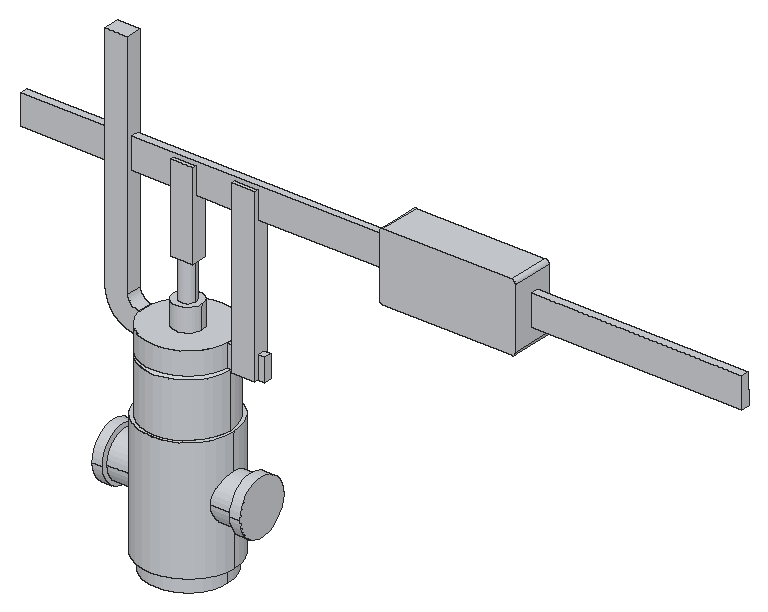
Revit family "M_Válvula de nível - 15-50 mm - Rosqueada", category Acessórios do tubo, Revit 2019
Family settings
  Cota do conector redondo = Usar raio
  Tipo de parte = Válvula - Quebra entre
  Número OmniClass = 23.65.55.14.11.11
  Título OmniClass = Fill Valves for Liquid Services
  ID de item do Seek = Level Valve - 15-50 mm - Threaded-0000-CAN-ENU
  Com base no plano de trabalho = Não
  Sempre na vertical = Sim
  Corte com vazios quando carregada = Não
  Compartilhado = Não
Parameters (values of type "15 mm")
  Material da válvula = none
  Comprimento da válvula = 124 mm
  Largura do símbolo = 1 / 2 * Comprimento da válvula * tan(30.00°)  # 35.796 mm
  Espessura do soquete = 3 / 8 * Raio do soquete  # 8.595 mm
  Raio do soquete = 1.2 * Raio externo  # 22.92 mm
  Diâmetro do soquete = 2 * Raio do soquete  # 45.84 mm
  Raio 1 = 1 / 3 * Raio da chapeleta  # 11.917 mm
  Raio externo = 19.1 mm
  Diâmetro externo = 2 * Raio externo  # 38.2 mm
  Raio nominal = 7.5 mm
  Diâmetro nominal = 2 * Raio nominal  # 15 mm
  K Coefficient = 1.17
  Altura 2 = 97 mm
  Altura 1 = 67 mm
  Raio inferior = 7 / 8 * Raio do corpo  # 33.906 mm
  Raio da chapeleta = Raio do corpo - 3 mm  # 35.75 mm
  Diâmetro da chapeleta = 2 * Raio da chapeleta  # 71.5 mm
  Raio do corpo = 5 / 16 * Comprimento da válvula  # 38.75 mm
  Diâmetro do corpo = 2 * Raio do corpo  # 77.5 mm
Types (7, lengths in mm): name | Comprimento da válvula | Largura do símbolo | Espessura do soquete | Raio do soquete | Diâmetro do soquete | Raio 1 | Raio externo | Diâmetro externo | Raio nominal | Diâmetro nominal | K Coefficient | Altura 2 | Altura 1 | Raio inferior | Raio da chapeleta | Diâmetro da chapeleta | Raio do corpo | Diâmetro do corpo
  (no name) | 124 | 35.796 | 8.595 | 22.92 | 45.84 | 11.917 | 19.1 | 38.2 | 7.5 | 15 | 1.17 | 97 | 67 | 33.906 | 35.75 | 71.5 | 38.75 | 77.5
  15 mm | 124 | 35.796 | 8.595 | 22.92 | 45.84 | 11.917 | 19.1 | 38.2 | 7.5 | 15 | 1.17 | 97 | 67 | 33.906 | 35.75 | 71.5 | 38.75 | 77.5
  50 mm | 165 | 47.631 | 15.705 | 41.88 | 83.76 | 16.188 | 34.9 | 69.8 | 25 | 50 | 8.9 | 120 | 87 | 45.117 | 48.562 | 97.125 | 51.562 | 103.125
  25 mm | 124 | 35.796 | 8.595 | 22.92 | 45.84 | 11.917 | 19.1 | 38.2 | 12.5 | 25 | 8.9 | 97 | 67 | 33.906 | 35.75 | 71.5 | 38.75 | 77.5
  32 mm | 146 | 42.147 | 14.31 | 38.16 | 76.32 | 14.208 | 31.8 | 63.6 | 16 | 32 | 6.02 | 106 | 80 | 39.922 | 42.625 | 85.25 | 45.625 | 91.25
  40 mm | 146 | 42.147 | 14.31 | 38.16 | 76.32 | 14.208 | 31.8 | 63.6 | 20 | 40 | 7.21 | 106 | 80 | 39.922 | 42.625 | 85.25 | 45.625 | 91.25
  20 mm | 124 | 35.796 | 8.595 | 22.92 | 45.84 | 11.917 | 19.1 | 38.2 | 10 | 20 | 4.75 | 97 | 67 | 33.906 | 35.75 | 71.5 | 38.75 | 77.5
Reference planes
  plane 1 "Centro (Frente/Trás)": y = 0
  plane 2: z = 0
  plane 3 "Centro (Esquerda/Direita)": x = 0
  plane 4: x = -62
  plane 5: x = 62
  plane 6: z = -67
  plane 7: z = 97
  plane 8: x = -53.405
  plane 9: x = 53.405
  plane 10: z = 48.5
  plane 11: z = -54.3
  plane 12: x = -35.75
  plane 13: z = 135.1
  plane 14: z = 116.05
  plane 15: x = -54.8
  plane 16: z = 106.525
  plane 17: z = 319.25
  plane 18: x = -64.325
  plane 19: x = -45.275
  plane 20: y = 6.35
  plane 21: y = -6.35
  plane 22: z = 243.05
  plane 23: z = 217.65
  plane 24: x = -138.2
  plane 25: x = 468.225
  plane 26: y = 3.175
  plane 27: y = -3.175
  plane 28: x = 35.75
  plane 29: z = 239.875
  plane 30: x = 42.1
  plane 31: x = 61.15
  plane 32: y = 6.35
  plane 33: y = -6.35
  plane 34: z = 166.85
  plane 35: x = -9.525
  plane 36: x = 9.525
  plane 37: x = 290.425
  plane 38: x = 176.125
  plane 39: z = 258.925
  plane 40: z = 201.775
  plane 41: y = 15.875
  plane 42: y = -19.05
  plane 43: y = 35.796
  plane 44: y = -35.796
  plane 45: x = 67.5
Forms (mm)
  Extrusion 1, solid, material <- "Material da válvula", detail levels fine
    sketch origin (0, 0, 0) x (0, 1, 0) y (0, 0, 1)
      loop
        circle (0, 0) r 19.1
    from -53.405 to 53.405
  Extrusion 2, solid, material <- "Material da válvula", detail levels fine
    sketch origin (0, 0, 0) x (0, 1, 0) y (0, 0, 1)
      loop
        circle (0, 0) r 22.86
    from -62 to -53.405
  Extrusion 3, solid, material <- "Material da válvula", detail levels fine
    sketch origin (0, 0, 0) x (0, 1, 0) y (0, 0, 1)
      loop
        circle (0, 0) r 22.86
    from 53.405 to 62
  Extrusion 4, solid, material <- "Material da válvula", detail levels fine
    sketch origin (0, 0, 0) x (1, 0, 0) y (0, 1, 0)
      loop
        circle (0, 0) r 38.75
    from -54.3 to 48.5
  Extrusion 5, solid, material <- "Material da válvula", detail levels fine
    sketch origin (0, 0, 0) x (1, 0, 0) y (0, 1, 0)
      loop
        circle (0, 0) r 33.906
    from -67 to -54.3
  Revolve 6, solid, material <- "Material da válvula", detail levels fine
    sketch origin (0, 0, 0) x (1, 0, 0) y (0, 0, 1)
      loop
        line (0, 97) -> (-29.4, 97) -> (-35.75, 93.825) -> (-35.75, 48.5) -> (0, 48.5) -> (0, 97)
      axis (0, 97) -> (0, 48.5)
    angle from 0 to 360
  Extrusion 7, solid, material <- "Material da válvula", detail levels fine
    sketch origin (0, 0, 0) x (1, 0, 0) y (0, 1, 0)
      loop
        circle (0, 0) r 11.917
    from 97 to 135.1
  Extrusion 8, solid, material <- "Material da válvula", detail levels fine
    sketch origin (0, 0, 0) x (1, 0, 0) y (0, 1, 0)
      loop
        circle (0, 0) r 35.75
    from 97 to 116.05
  Sweep 9, solid, material <- "Material da válvula", detail levels fine
    path origin (0, 0, 0) x (1, 0, 0) y (0, 0, 1)
      loop
        line (-54.8, 319.25) -> (-54.8, 125.575)
        arc (-54.8, 125.575) -> (-49.22, 112.105) -> (-35.75, 106.525) r 19.05
    profile origin (-54.8, 0, 222.413) x (0, -1, 0) y (1, 0, 0)
      loop
        line (-6.35, -9.525) -> (6.35, -9.525) -> (6.35, 9.525) -> (-6.35, 9.525) -> (-6.35, -9.525)
  Extrusion 10, solid, material <- "Material da válvula", detail levels fine
    sketch origin (0, 0, 0) x (1, 0, 0) y (0, 0, 1)
      loop
        line (-138.2, 243.05) -> (-138.2, 217.65) -> (468.225, 217.65) -> (468.225, 243.05) -> (-138.2, 243.05)
    from -3.175 to 3.175
  Extrusion 11, solid, material <- "Material da válvula", detail levels fine
    sketch origin (0, 0, 0) x (1, 0, 0) y (0, 0, 1)
      loop
        line (35.75, 116.05) -> (35.75, 97) -> (67.5, 97) -> (67.5, 116.05) -> (35.75, 116.05)
    from -3.175 to 3.175
  Extrusion 12, solid, material <- "Material da válvula", detail levels fine
    sketch origin (0, 0, 0) x (1, 0, 0) y (0, 0, 1)
      loop
        line (42.1, 239.875) -> (42.1, 97) -> (61.15, 97) -> (61.15, 239.875) -> (42.1, 239.875)
    from -6.35 to 6.35
  Extrusion 13, solid, material <- "Material da válvula", detail levels fine
    sketch origin (0, 0, 0) x (1, 0, 0) y (0, 0, 1)
      loop
        line (-9.525, 239.875) -> (-9.525, 166.85) -> (9.525, 166.85) -> (9.525, 239.875) -> (-9.525, 239.875)
    from -6.35 to 6.35
  Extrusion 14, solid, material <- "Material da válvula", detail levels fine
    sketch origin (0, 0, 0) x (1, 0, 0) y (0, 1, 0)
      loop
        circle (0, 0) r 6.35
    from 135.1 to 166.85
  Extrusion 15, solid, material <- "Material da válvula", detail levels fine
    sketch origin (0, 0, 0) x (1, 0, 0) y (0, 0, 1)
      loop
        arc (179.3, 258.925) -> (177.055, 257.995) -> (176.125, 255.75) r 3.175
        line (176.125, 255.75) -> (176.125, 204.95)
        arc (176.125, 204.95) -> (177.055, 202.705) -> (179.3, 201.775) r 3.175
        line (179.3, 201.775) -> (287.25, 201.775)
        arc (287.25, 201.775) -> (289.495, 202.705) -> (290.425, 204.95) r 3.175
        line (290.425, 204.95) -> (290.425, 255.75)
        arc (290.425, 255.75) -> (289.495, 257.995) -> (287.25, 258.925) r 3.175
        line (287.25, 258.925) -> (179.3, 258.925)
    from -15.875 to 19.05
Cuts and joins
  joined: Sweep 9, Extrusion 10, Extrusion 11, Extrusion 12, Extrusion 13, Extrusion 15
  joined: Extrusion 1, Extrusion 2, Extrusion 3, Extrusion 4, Extrusion 5, Revolve 6, Extrusion 7, Extrusion 8, Extrusion 14
Lines and regions (mm)
  model lines, detail levels coarse+medium
    curve 1: line (-62, 35.796, 0) -> (-62, -35.796, 0)
    curve 2: line (62, 35.796, 0) -> (62, -35.796, 0)
    curve 3: line (-62, 35.796, 0) -> (62, -35.796, 0)
    curve 4: line (62, 35.796, 0) -> (-62, -35.796, 0)
Dimensions and locks
  equal spacing: plane 4, plane 3 "Centro (Esquerda/Direita)", plane 5
  "Comprimento da válvula": plane 4 to plane 5
  "Altura 1": plane 2 to plane 6
  "Altura 2": plane 7 to plane 2
  "Espessura do soquete": plane 4 to plane 8
  "Espessura do soquete": plane 9 to plane 5
  equal spacing: plane 7, plane 10, plane 2
  locked: plane 11 to plane 6 at 12.7
  "Raio da chapeleta": plane 3 "Centro (Esquerda/Direita)" to plane 12
  locked: Revolve 6 sketch curve to Revolve 6 sketch curve at 3.175
  locked: plane 14 to plane 7 at 19.05
  locked: plane 13 to plane 14 at 19.05
  equal spacing: plane 14, plane 16, plane 7
  plane 18 to plane 15 to plane 19 = 9.525 mm locked, 9.525 mm locked
  locked: plane 17 to plane 7 at 222.25
  locked: plane 17 to plane 22 at 76.2
  locked: plane 24 to plane 4 at 76.2
  locked: plane 26 to plane 1 "Centro (Frente/Trás)" at 3.175
  locked: plane 1 "Centro (Frente/Trás)" to plane 27 at 3.175
  "Raio da chapeleta": plane 3 "Centro (Esquerda/Direita)" to plane 28
  plane 20 to plane 1 "Centro (Frente/Trás)" to plane 21 = 6.35 mm locked, 6.35 mm locked
  locked: plane 22 to plane 23 at 25.4
  locked: plane 22 to plane 29 at 3.175
  locked: plane 28 to plane 30 at 6.35
  locked: plane 31 to plane 30 at 19.05
  locked: plane 32 to plane 1 "Centro (Frente/Trás)" at 6.35
  locked: plane 33 to plane 1 "Centro (Frente/Trás)" at 6.35
  locked: plane 23 to plane 34 at 50.8
  plane 36 to plane 3 "Centro (Esquerda/Direita)" to plane 35 = 9.525 mm locked, 9.525 mm locked
  locked: plane 24 to plane 25 at 606.425
  plane 38 to plane 37 to plane 25 = 114.3 mm locked, 177.8 mm locked
  locked: plane 39 to plane 22 at 15.875
  locked: plane 23 to plane 40 at 15.875
  locked: plane 41 to plane 26 at 12.7
  locked: plane 33 to plane 42 at 12.7
  "Largura do símbolo": plane 43 to plane 1 "Centro (Frente/Trás)"
  "Largura do símbolo": plane 44 to plane 1 "Centro (Frente/Trás)"
  locked: plane 15 to plane 12 at 19.05
  locked: plane 45 to plane 31 at 6.35
  "Raio externo": radius of Extrusion 1 sketch curve
  radius of Extrusion 2 sketch curve = 22.86 mm
  radius of Extrusion 3 sketch curve = 22.86 mm
  "Raio do corpo": radius of Extrusion 4 sketch curve
  "Raio inferior": radius of Extrusion 5 sketch curve
  "Raio 1": radius of Extrusion 7 sketch curve
  "Raio da chapeleta": radius of Extrusion 8 sketch curve
  radius of Extrusion 14 sketch curve = 6.35 mm
  aligned and locked: plane 1 "Centro (Frente/Trás)" to Extrusion 1 sketch curve
  aligned and locked: plane 2 to Extrusion 1 sketch curve
  aligned and locked: Extrusion 1 to plane 8
  aligned and locked: plane 9 to Extrusion 1
  aligned and locked: plane 2 to Extrusion 2 sketch curve
  aligned and locked: plane 1 "Centro (Frente/Trás)" to Extrusion 2 sketch curve
  aligned and locked: Extrusion 2 to plane 4
  aligned and locked: plane 8 to Extrusion 2
  aligned and locked: plane 2 to Extrusion 3 sketch curve
  aligned and locked: plane 1 "Centro (Frente/Trás)" to Extrusion 3 sketch curve
  aligned and locked: plane 5 to Extrusion 3
  aligned and locked: Extrusion 3 to plane 9
  aligned and locked: plane 1 "Centro (Frente/Trás)" to Extrusion 4 sketch curve
  aligned and locked: plane 3 "Centro (Esquerda/Direita)" to Extrusion 4 sketch curve
  aligned and locked: plane 10 to Extrusion 4
  aligned and locked: Extrusion 4 to plane 11
  aligned and locked: plane 1 "Centro (Frente/Trás)" to Extrusion 5 sketch curve
  aligned and locked: plane 3 "Centro (Esquerda/Direita)" to Extrusion 5 sketch curve
  aligned and locked: Extrusion 5 to plane 6
  aligned and locked: plane 11 to Extrusion 5
  aligned and locked: plane 7 to Revolve 6 sketch curve
  aligned and locked: plane 3 "Centro (Esquerda/Direita)" to Revolve 6 sketch curve
  aligned and locked: Revolve 6 sketch curve to plane 12
  aligned and locked: Revolve 6 sketch curve to plane 10
  aligned and locked: Revolve 6 sketch curve to Revolve 6 sketch curve
  aligned and locked: plane 1 "Centro (Frente/Trás)" to Extrusion 7 sketch curve
  aligned and locked: plane 3 "Centro (Esquerda/Direita)" to Extrusion 7 sketch curve
  aligned and locked: plane 13 to Extrusion 7
  aligned and locked: Extrusion 7 to plane 7
  aligned and locked: plane 1 "Centro (Frente/Trás)" to Extrusion 8 sketch curve
  aligned and locked: plane 3 "Centro (Esquerda/Direita)" to Extrusion 8 sketch curve
  aligned and locked: Extrusion 8 to plane 7
  aligned and locked: plane 14 to Extrusion 8
  aligned and locked: plane 17 to Sweep 9 sketch curve
  aligned and locked: plane 15 to Sweep 9 sketch curve
  aligned and locked: plane 18 to Sweep 9 sketch curve
  aligned and locked: plane 20 to Sweep 9 sketch curve
  aligned and locked: plane 21 to Sweep 9 sketch curve
  aligned and locked: plane 19 to Sweep 9 sketch curve
  aligned and locked: plane 24 to Extrusion 10 sketch curve
  aligned and locked: Extrusion 10 sketch curve to plane 22
  aligned and locked: plane 23 to Extrusion 10 sketch curve
  aligned and locked: Extrusion 10 sketch curve to plane 25
  aligned and locked: Extrusion 10 to plane 26
  aligned and locked: Extrusion 10 to plane 27
  aligned and locked: Extrusion 11 sketch curve to Extrusion 8
  aligned and locked: Extrusion 8 to Extrusion 11 sketch curve
  aligned and locked: plane 7 to Extrusion 11 sketch curve
  aligned and locked: plane 26 to Extrusion 11
  aligned and locked: Extrusion 11 to plane 27
  aligned and locked: plane 30 to Extrusion 12 sketch curve
  aligned and locked: Extrusion 12 sketch curve to plane 29
  aligned and locked: plane 7 to Extrusion 12 sketch curve
  aligned and locked: Extrusion 12 sketch curve to plane 31
  aligned and locked: plane 32 to Extrusion 12
  aligned and locked: Extrusion 12 to plane 33
  aligned and locked: plane 35 to Extrusion 13 sketch curve
  aligned and locked: Extrusion 13 sketch curve to plane 29
  aligned and locked: plane 34 to Extrusion 13 sketch curve
  aligned and locked: Extrusion 13 sketch curve to plane 36
  aligned and locked: plane 32 to Extrusion 13
  aligned and locked: Extrusion 13 to plane 33
  aligned and locked: plane 1 "Centro (Frente/Trás)" to Extrusion 14 sketch curve
  aligned and locked: plane 3 "Centro (Esquerda/Direita)" to Extrusion 14 sketch curve
  aligned and locked: plane 34 to Extrusion 14
  aligned and locked: Extrusion 14 to plane 13
  aligned and locked: Extrusion 15 sketch curve to plane 39
  aligned and locked: plane 37 to Extrusion 15 sketch curve
  aligned and locked: plane 40 to Extrusion 15 sketch curve
  aligned and locked: plane 41 to Extrusion 15
  aligned and locked: Extrusion 15 to plane 42
  aligned and locked: plane 43 to curve 2
  aligned and locked: plane 44 to curve 2
  aligned and locked: curve 2 to plane 5
  aligned and locked: plane 43 to curve 1
  aligned and locked: plane 44 to curve 1
  aligned and locked: curve 1 to plane 4
  aligned and locked: Extrusion 11 sketch curve to plane 45
Automatic sketch dimensions
  Revolve 6 sketch curve to plane 10 = 0 mm
  Revolve 6 sketch curve to plane 7 = 0 mm
  plane 12 to Revolve 6 sketch curve = 6.35 mm
  Sweep 9 sketch curve to plane 12 = 0 mm
  Sweep 9 sketch curve to plane 16 = 0 mm
  Extrusion 10 sketch curve to plane 23 = 0 mm
  Extrusion 15 sketch curve to plane 38 = 0 mm
  Extrusion 15 sketch curve to plane 38 = 3.175 mm  (x2)
  plane 37 to Extrusion 15 sketch curve = 3.175 mm
  Extrusion 15 sketch curve to Extrusion 15 sketch curve = 3.175 mm
Connectors
  piping at (-62, 0, 0), diameter 15, driven by "Raio nominal"
    settings: on cut or joined group 1 (Extrusion 1, Extrusion 2, Extrusion 3, Extrusion 4, Extrusion 5, Revolve 6, Extrusion 7, Extrusion 8, Extrusion 14), index 1, connector inside diameter 15 mm, connector length 0 mm, flow factor 0, pipe flow 0.0 L/s, pressure drop 0.0 Pa, fitting loss kfactor 0, connector angle 0.00°, fixture units 0, engagement length 0 mm, angle of deflection 0.00°, flow configuration 0, flow direction 0, fitting loss method 2, system type 29, joint type 0, gender type 0, connector reference index 2, connector utility 0, adjustable connector no, is connector primary yes, connector description ""
  piping at (62, 0, 0), diameter 15, driven by "K Coefficient", driven by "Raio nominal"
    settings: on cut or joined group 1, index 2, connector inside diameter 15 mm, connector length 0 mm, flow factor 0, pipe flow 0.0 L/s, pressure drop 0.0 Pa, fitting loss kfactor 1.17, connector angle 0.00°, fixture units 0, engagement length 0 mm, angle of deflection 0.00°, flow configuration 0, flow direction 0, fitting loss method 2, system type 29, joint type 0, gender type 0, connector reference index 1, connector utility 0, adjustable connector no, is connector primary no, connector description ""
